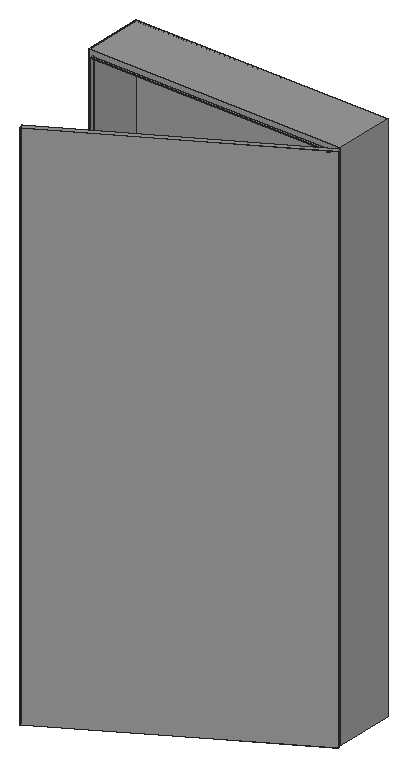
Revit family "Hager-Univers-IP54-D205-H1700-Cl.I-Encl-NoHosted-CH-fr", category Electrical Equipment, Revit 2020
Family settings
  Panel Configuration = Two Columns, Circuits Across
  Round Connector Dimension = Use Diameter
  Part Type = Panelboard
  Work Plane-Based = Yes
  Always vertical = Yes
  Cut with Voids When Loaded = No
  Shared = No
  Room Calculation Point = No
Parameters (values of type "saillie IP54 L800 H1700 P205  - FP13TW2")
  Width Control [instance] = if([EF000008 - largeur] > Min Width, [EF000008 - largeur], Min Width)  # 800 mm
  Type Comments = [HG000003 - Gamme]  # "Univers"
  Thickness Door [instance] = if([EF009171 - épaisseur de matériau de la porte/du couvercle] > 3 mm, 3 mm, [EF009171 - épaisseur de matériau de la porte/du couvercle])  # 1 mm
  Seal Frame Offset [instance] = 17 mm  # constant formula
  Plinth Visibility [instance] = [HG000027 - Hauteur du socle] > 0 mm  # no
  Min Width [instance] = 100 mm  # constant formula
  Min Depth [instance] = (2 * [EF009170 - épaisseur de matériau du boîtier]) + 1 mm  # 3 mm
  Min Height [instance] = 100 mm  # constant formula
  Internal Frame Depth [instance] = (Door System Depth * 0.5)  # 9 mm
  Panel Name [instance] = ""  # (empty or 0)
  Model = ""
  HG000027 - Hauteur du socle = 0 mm
  HG000026 - Installation au sol = no
  HG000024 - Hauteur de la section basse = 600 mm
  HG000023 - Armoire double section = no
  HG000016 - Visibilité de la porte 3D [instance] = yes
  HG000015 - Visibilité de l'emprise de la porte [instance] = no
  HG000014 - Porte à droite [instance] = yes
  HG000013 - Porte à gauche [instance] = not([HG000014 - Porte à droite])  # no
  HG000012 - Angle de pivotement de la porte [instance] = 30.00°
  HG000010 - Portes asymétriques = no
  HG000009 - Porte à double battant = no
  HG000006 - Encastré = no
  HG000004 - Référence fabricant = "FP13TW2"
  HG000003 - Gamme = "Univers"
  HG000002 - avec porte = yes
  Frame Offset Bottom [instance] = 10 mm  # constant formula
  Frame Offset [instance] = 15 mm  # constant formula
  EF015940 - couvercle avec décharge de pression = no
  EF011959 - degré de protection (NEMA) = ""
  EF009554 - nombre d'ouvertures pour plaques à bride = 6
  EF009212 - finition du couvercle = "EV000116 - fermé"
  EF009171 - épaisseur de matériau de la porte/du couvercle = 1 mm
  EF009170 - épaisseur de matériau du boîtier = 1 mm
  EF008873 - courant nominal (In) = 400 A
  EF007800 - adapté à un parafoudre = no
  EF006306 - avec serrure = no
  EF006244 - couvercle/porte transparent(e) = no
  EF005474 - indice de protection (IP) = "EV006419 - IP54"
  EF004464 - type de porte = "EV002646 - unique"
  EF004427 - nombre de modules = 396
  EF004293 - indice de protection contre les chocs (IK) = "EV006815 - IK09"
  EF003532 - convient pour utilisation à l’extérieur = no
  EF002950 - largeur en nombre de modules = 36
  EF001613 - maintien de fonction = "EV000494 - sans"
  EF001596 - matériau du boîtier/corps = "EV000179 - acier"
  EF001131 - profondeur intérieure = 205 mm
  EF001088 - possibilité de montage en saillie = yes
  EF000437 - nombre d'entrées de conduit = 6
  EF000339 - type de capot = "EV001012 - couvercle"
  EF000266 - nombre de rangées = 11
  EF000218 - profondeur d'encastrement = 205 mm
  EF000118 - avec cadre/support de montage = no
  EF000116 - numéro RAL = "9010"
  EF000049 - profondeur = 205 mm
  EF000040 - hauteur = 1700 mm
  EF000008 - largeur = 800 mm
  EF000007 - couleur = "EV000202 - blanc"
  EF000003 - mode de pose = "EV000384 - saillie"
  Door System Leaf Tolerance [instance] = 1.5 mm  # constant formula
  Door System Depth [instance] = 18 mm  # constant formula
  Door Height [instance] = Height Control - [HG000027 - Hauteur du socle]  # 1700 mm
  Description = ""
  Default Elevation = 1219.2 mm
  Connector Offset [instance] = Height Control / 2  # 850 mm
  Manufacturer = "Hager"  # constant formula
  Height Control [instance] = if([EF000040 - hauteur] > Min Height, [EF000040 - hauteur], Min Height)  # 1700 mm
  Depth Control [instance] = if([EF000049 - profondeur] > Min Depth, [EF000049 - profondeur], Min Depth)  # 205 mm
  Bottom Top Plate Trim [instance] = 1.5 mm  # constant formula
  Plinth height Ctrl [instance] = if([HG000027 - Hauteur du socle] > 0 mm, [HG000027 - Hauteur du socle], 12 mm)  # 12 mm
Types (5, lengths in mm): name | Width Control | HG000009 - Porte à double battant | HG000004 - Référence fabricant | EF009554 - nombre d'ouvertures pour plaques à bride | EF008873 - courant nominal (In) | EF004464 - type de porte | EF004427 - nombre de modules | EF002950 - largeur en nombre de modules | EF000437 - nombre d'entrées de conduit | EF000008 - largeur
  saillie IP54 L1050 H1700 P205  - FP14TW2 | 1050 | yes | "FP14TW2" | 8 | 400 A | "EV003602 - double" | 528 | 48 | 8 | 1050
  saillie IP54 L1300 H1700 P205  - FP15TW2 | 1300 | no | "FP15TW2" | 10 | 400 A | "EV003602 - double" | 660 | 60 | 10 | 1300
  saillie IP54 L300 H1700 P205  - FP11TW2 | 300 | no | "FP11TW2" | 2 | 250 A | "EV002646 - unique" | 132 | 12 | 2 | 300
  saillie IP54 L550 H1700 P205  - FP12TW2 | 550 | no | "FP12TW2" | 4 | 250 A | "EV002646 - unique" | 264 | 24 | 4 | 550
  saillie IP54 L800 H1700 P205  - FP13TW2 | 800 | no | "FP13TW2" | 6 | 400 A | "EV002646 - unique" | 396 | 36 | 6 | 800
Reference planes
  plane 1 "Center (Front/Back)": y = 0
  plane 2: z = 0
  plane 3 "Center (Left/Right)": x = 0
  plane 4: y = 0
  plane 5: y = 0
  plane 6: z = 0
  plane 7: x = -400
  plane 8: x = 400
  plane 9: x = 399
  plane 10: x = -399
  plane 11: z = 0
  plane 12: z = 1
  plane 13: y = -205
  plane 14: y = -1
  plane 15: x = 0
  plane 16: y = -187
  plane 17: y = -204
  plane 18: y = -186
  plane 19: x = -384
  plane 20: x = 384
  plane 21: z = 11
  plane 22: x = -383
  plane 23: x = 383
  plane 24: z = 0
  plane 25: z = 1700
  plane 26: z = 1700
  plane 27: z = 1684
  plane 28: z = 1699
Forms (mm)
  Extrusion 1, solid, material "Hager_Steel_RAL7035_Light_Grey", detail levels medium+fine
    sketch origin (-208.679, -4572, 0) x (-1, 0, 0) y (0, -1, 0)
      loop
        line (191.321, -4385) -> (-608.679, -4385) -> (-608.679, -4572) -> (191.321, -4572) -> (191.321, -4385)
    from 0 to 1700
  Extrusion 2, void
    sketch origin (-350.771, -205, 1219.2) x (1, 0, 0) y (0, 0, 1)
      loop
        line (-48.229, 479.8) -> (-48.229, -1218.2) -> (749.771, -1218.2) -> (749.771, 479.8) -> (-48.229, 479.8)
    from -19 to -204
  Extrusion 3, void
    sketch origin (-290.084, -187, 1219.2) x (1, 0, 0) y (0, 0, 1)
      loop
        line (-93.916, -1208.2) -> (674.084, -1208.2) -> (674.084, 464.8) -> (-93.916, 464.8) -> (-93.916, -1208.2)
    from 0 to -1
  Extrusion 4, solid, material "Hager_Steel_RAL7035_Light_Grey", visible <- "Plinth Visibility", detail levels medium+fine
    sketch origin (0, 0, 0) x (1, 0, 0) y (0, 1, 0)
      loop
        line (-400, 0) -> (-400, -187) -> (400, -187) -> (400, 0) -> (-400, 0)
    from 0 to 12 <- "Plinth height Ctrl"
  Extrusion 5, solid, material "Hager_Steel_RAL7035_Light_Grey", detail levels coarse
    sketch origin (0, 0, 0) x (1, 0, 0) y (0, 1, 0)
      loop
        line (-400, 0) -> (-400, -205) -> (400, -205) -> (400, 0) -> (-400, 0)
    from 0 to 1700 <- "Height Control"
  Sweep 6, void
    path in 3D
      loop
        line (-400, -187, 12) -> (400, -187, 12) -> (400, 0, 12) -> (-400, 0, 12) -> (-400, -187, 12)
    profile origin (-400, -93.5, 12) x (1, 0, 0) y (0, 0, 1)
      loop
        line (0, 0) -> (0, -1.5) -> (1.5, -1.5)
        arc (1.5, -1.5) -> (1.061, -0.439) -> (0, 0) r 1.5
  Extrusion 7, solid, material "Hager_Steel_RAL7035_Light_Grey", detail levels fine
    sketch origin (-400, -187, 0) x (1, 0, 0) y (0, 0, 1)
      loop
        line (16, 11) -> (784, 11) -> (784, 1684) -> (16, 1684) -> (16, 11)
      loop
        line (15, 10) -> (785, 10) -> (785, 1685) -> (15, 1685) -> (15, 10)
    from 0 to 9 <- "Internal Frame Depth"
Cuts and joins
  Extrusion 2, Extrusion 3 cuts Extrusion 1
  Sweep 6 cuts Extrusion 4
Lines and regions (mm)
  Masking region 1
    outline origin (0, 0, 0) x (1, 0, 0) y (0, 1, 0)
      loop
        line (-400, 0) -> (-400, -205) -> (400, -205) -> (400, 0) -> (-400, 0)
  Masking region 2, detail levels coarse
    outline origin (-290.084, -187, 1219.2) x (-1, 0, 0) y (0, 0, 1)
      loop
        line (-690.084, -1219.2) -> (109.916, -1219.2) -> (109.916, 480.8) -> (-690.084, 480.8) -> (-690.084, -1219.2)
  Masking region 3, detail levels coarse
    outline origin (0, 0, 0) x (0, 1, 0) y (0, 0, 1)
      loop
        line (0, 0) -> (0, 1700) -> (-205, 1700) -> (-205, 0) -> (0, 0)
  Masking region 4, visible <- "Plinth Visibility", detail levels medium+fine
    outline origin (0, 0, 0) x (0, 1, 0) y (0, 0, 1)
      loop
        line (-1.5, 12) -> (-185.5, 12)
        arc (-185.5, 12) -> (-185.939, 10.939) -> (-187, 10.5) r 1.5
        line (-187, 10.5) -> (-187, 0) -> (0, 0) -> (0, 10.5)
        arc (0, 10.5) -> (-1.061, 10.939) -> (-1.5, 12) r 1.5
  Masking region 5, detail levels medium+fine
    outline origin (0, 0, 594.038) x (0, 1, 0) y (0, 0, 1)
      loop
        line (0, -594.038) -> (0, 1105.962) -> (-187, 1105.962) -> (-187, -594.038) -> (0, -594.038)
  Masking region 6, detail levels medium+fine
    outline origin (-359.7, -187, 1211.883) x (-1, 0, 0) y (0, 0, 1)
      loop
        line (-759.7, -1211.883) -> (40.3, -1211.883) -> (40.3, 488.117) -> (-759.7, 488.117) -> (-759.7, -1211.883)
  Masking region 7, visible <- "Plinth Visibility", detail levels medium+fine
    outline origin (-320.334, -187, 1041.368) x (-1, 0, 0) y (0, 0, 1)
      loop
        line (-720.334, -1041.368) -> (79.666, -1041.368) -> (79.666, -1030.868)
        arc (79.666, -1030.868) -> (78.606, -1030.429) -> (78.166, -1029.368) r 1.5
        line (78.166, -1029.368) -> (-718.834, -1029.368)
        arc (-718.834, -1029.368) -> (-719.273, -1030.429) -> (-720.334, -1030.868) r 1.5
        line (-720.334, -1030.868) -> (-720.334, -1041.368)
  sketch lines
    curve 1: line (-400, 0, 12) -> (-400, -187, 12)
    curve 2: line (-400, -187, 12) -> (400, -187, 12)
    curve 3: line (400, 0, 12) -> (-400, 0, 12)
    curve 4: line (400, -187, 12) -> (400, 0, 12)
Dimensions and locks
  locked: plane 1 "Center (Front/Back)" to plane 5
  "EF009170 - épaisseur de matériau du boîtier": plane 7 to plane 10
  "EF009170 - épaisseur de matériau du boîtier": plane 8 to plane 9
  equal spacing: plane 7, plane 3 "Center (Left/Right)", plane 8
  "Width Control": plane 7 to plane 8
  "Depth Control": plane 4 to plane 13
  "EF009170 - épaisseur de matériau du boîtier": plane 4 to plane 14
  "Height Control": plane 25 to level
  "HG000027 - Hauteur du socle": plane 11 to level
  "EF009170 - épaisseur de matériau du boîtier": plane 12 to plane 11
  "EF009170 - épaisseur de matériau du boîtier": plane 17 to plane 13
  "EF009170 - épaisseur de matériau du boîtier": plane 18 to plane 16
  "Frame Offset Bottom": plane 21 to plane 12
  "Frame Offset": plane 10 to plane 19
  "Frame Offset": plane 9 to plane 20
  "Door System Depth": plane 16 to plane 13
  "Seal Frame Offset": plane 7 to plane 22
  "Seal Frame Offset": plane 8 to plane 23
  "EF009170 - épaisseur de matériau du boîtier": plane 26 to plane 28
  "Frame Offset": plane 28 to plane 27
  "Connector Offset": plane 2 to connector elem
  "Bottom Top Plate Trim": profile plane to Sweep 6 sketch curve
  "Bottom Top Plate Trim": Sweep 6 sketch curve to Sweep 6 sketch curve
  "Plinth height Ctrl": Masking region 4 sketch curve to level
  "Plinth height Ctrl": Masking region 7 sketch curve to level
  "Thickness Door": Extrusion 7 sketch curve to Extrusion 7 sketch curve  (x4)
  "Bottom Top Plate Trim": radius of Sweep 6 sketch curve
  "Bottom Top Plate Trim": radius of Masking region 4 sketch curve  (x2)
  "Bottom Top Plate Trim": radius of Masking region 7 sketch curve  (x2)
  aligned and locked: Extrusion 2 sketch curve to plane 12
  aligned and locked: Extrusion 2 sketch curve to plane 9
  aligned and locked: Extrusion 2 sketch curve to plane 10
  aligned and locked: Extrusion 2 to plane 14
  aligned and locked: Extrusion 1 sketch curve to plane 4
  aligned and locked: plane 8 to Extrusion 1 sketch curve
  aligned and locked: plane 7 to Extrusion 1 sketch curve
  aligned and locked: Extrusion 2 to plane 18
  aligned and locked: Extrusion 3 sketch curve to plane 19
  aligned and locked: plane 20 to Extrusion 3 sketch curve
  aligned and locked: Extrusion 3 to Extrusion 2
  aligned and locked: Extrusion 3 sketch curve to plane 21
  aligned and locked: plane 3 "Center (Left/Right)" to nested 1
  aligned and locked: Extrusion 1 sketch curve to plane 16
  aligned and locked: Extrusion 4 sketch curve to cut or joined group of Extrusion 1, Extrusion 2, Extrusion 3
  aligned and locked: Masking region 1 sketch curve to plane 7
  aligned and locked: Masking region 1 sketch curve to plane 5
  aligned and locked: Masking region 1 sketch curve to plane 8
  aligned and locked: Masking region 2 sketch curve to level
  aligned and locked: level to Masking region 3 sketch curve
  aligned and locked: plane 1 "Center (Front/Back)" to Masking region 3 sketch curve
  aligned and locked: plane 13 to Masking region 3 sketch curve
  aligned and locked: plane 5 to Masking region 4 sketch curve
  aligned and locked: Masking region 2 sketch curve to plane 8
  aligned and locked: Masking region 2 sketch curve to plane 7
  aligned and locked: plane 7 to nested 2
  aligned and locked: nested 2 to plane 5
  aligned and locked: plane 5 to Masking region 5 sketch curve
  aligned and locked: plane 26 to Masking region 5 sketch curve
  aligned and locked: Extrusion 5 sketch curve to plane 8
  aligned and locked: Extrusion 5 sketch curve to plane 7
  aligned and locked: Extrusion 5 sketch curve to plane 5
  aligned and locked: Extrusion 3 sketch curve to plane 27
  aligned and locked: Extrusion 2 sketch curve to plane 28
  aligned and locked: Masking region 2 to plane 25
  aligned and locked: Extrusion 4 to plane 16
  aligned and locked: profile plane to Sweep 6 sketch curve
  aligned and locked: Masking region 5 sketch curve to plane 24
  aligned and locked: level to Masking region 4 sketch curve
  aligned and locked: Masking region 1 to plane 13
  aligned and locked: nested 1 to plane 16
  aligned and locked: Masking region 3 to plane 25
  aligned and locked: plane 16 to Masking region 4 sketch curve
  aligned and locked: Masking region 5 sketch curve to plane 16
  aligned and locked: plane 24 to plane 11
  aligned and locked: plane 26 to plane 25
  aligned and locked: plane 26 to cut or joined group of Extrusion 1, Extrusion 2, Extrusion 3
  aligned and locked: nested 1 to plane 24
  aligned and locked: Extrusion 1 to Extrusion 3
  aligned and locked: Masking region 6 sketch curve to plane 8
  aligned and locked: Masking region 6 sketch curve to plane 24
  aligned and locked: Masking region 6 sketch curve to plane 7
  aligned and locked: Masking region 6 sketch curve to plane 26
  aligned and locked: Masking region 7 sketch curve to plane 7
  aligned and locked: level to Masking region 7 sketch curve
  aligned and locked: Masking region 7 sketch curve to plane 8
  aligned and locked: Extrusion 7 sketch curve to cut or joined group of Extrusion 1, Extrusion 2, Extrusion 3  (x4)
Automatic sketch dimensions
  plane 19 to Extrusion 3 sketch curve = 0 mm
  Extrusion 3 sketch curve to plane 20 = 0 mm
  Extrusion 3 sketch curve to plane 21 = 0 mm
  Extrusion 4 sketch curve to plane 7 = 0 mm
  Extrusion 4 sketch curve to plane 8 = 0 mm
  Extrusion 4 sketch curve to plane 16 = 0 mm
  Masking region 1 sketch curve to plane 13 = 0 mm
  Masking region 2 sketch curve to plane 25 = 0 mm
  Masking region 3 sketch curve to plane 25 = 0 mm
  Extrusion 5 sketch curve to plane 13 = 0 mm
  profile plane to Sweep 6 sketch curve = 0 mm
Nested families
  nested 1: "EC000058_Univers_Door" at (0, -187, 0), Double <- "HG000009 - Porte à double battant", Transparent <- "EF006244 - couvercle/porte transparent(e)", Angle <- "HG000012 - Angle de pivotement de la porte", Door_Right <- "HG000014 - Porte à droite", Assymetrical <- "HG000010 - Portes asymétriques", Door <- "HG000002 - avec porte", Width_Ctrl <- "Width Control", 3d_Door <- "HG000016 - Visibilité de la porte 3D", Clearance <- "HG000015 - Visibilité de l'emprise de la porte", Door_Left <- "HG000013 - Porte à gauche", Width <- "Width Control", Door_Depth <- "Door System Depth", Leaf_Tolerance <- "Door System Leaf Tolerance", Height <- "Door Height", Lock_Visibility <- "EF006306 - avec serrure", Thickness <- "Thickness Door", type "EC000058_Univers_Door", detail levels medium+fine
    with min_wh 3 mm, Width_Ctrl 800 mm, Width 800 mm, Transparent no, Thickness 1 mm, Seal_Material Hager_Rubber, Lock_Visibility no, Lock_Material Hager_Plastic_RAL9005_Jet_Black, Leaf_Width 800 mm, Leaf_Tolerance_External_Sides 0 mm, Leaf_Tolerance 1.5 mm, Leaf_Offset 0 mm, Leaf_Height 1697 mm, Leaf_2_Width 800 mm, Leaf_2_Offset 400 mm, Leaf_1_Width 800 mm, Leaf_1_Offset 400 mm, Height_Ctrl 1700 mm, Height 1700 mm, Glass_Material Hager_Glass, Double_Clearance_Ctrl no, Double no, Door_Right_Ctrl yes, Door_Right yes, Door_Material Hager_Steel_RAL7035_Light_Grey, Door_Left_Ctrl no, Door_Left no, Door_Depth 18 mm, Door yes, Clearance_Material Hager_Clearance, Clearance_Depth 800 mm, Clearance_Ctrl no, Clearance no, Assymetrical no, Angle 30.00°, 3d_Door yes
  nested 2: "Hager_Enclosure_Symbol" at (-400, 0, 0), Height <- "Depth Control", Width <- "Width Control", type "Hager_Enclosure_Symbol"
    with Width_Ctrl 800 mm, Width 800 mm, Height_Ctrl 205 mm, Height 205 mm, A_Width_Int 13.453 mm, A_Width 161.438 mm, A_Height_Ctrl 179.375 mm, A_Height 179.375 mm
Connectors
  electrical at (0, 0, 850)
    settings: on plane 1 "Center (Front/Back)", index 1, voltage 0 V, apparent load 0 VA, apparent load phase1 0 VA, apparent load phase2 0 VA, apparent load phase3 0 VA, power factor 1, load classification "Other", number of poles 1, system type 30, power factor state 1, is connector primary yes, connector utility no, sub classification motor no, connector description ""
Definition of nested family "EC000058_Univers_Door"
  Parameters (values of type "EC000058_Univers_Door")
    min_wh [instance] = (2 * Thickness) + 1 mm  # 11 mm
    Width_Ctrl [instance] = 400 mm
    Width [instance] = 500 mm
    Transparent [instance] = yes
    Thickness [instance] = 5 mm
    Seal_Material [instance] = none
    Lock_Visibility [instance] = yes
    Lock_Material [instance] = none
    Leaf_Width [instance] = if((Width_Ctrl - 2 * Leaf_Tolerance_External_Sides) > 0 mm, (Width_Ctrl - 2 * Leaf_Tolerance_External_Sides), min_wh)  # 400 mm
    Leaf_Tolerance_External_Sides [instance] = 0 mm  # constant formula
    Leaf_Tolerance [instance] = 1.5 mm
    Leaf_Offset [instance] = 0 mm  # constant formula
    Leaf_Height [instance] = if((Height_Ctrl - 2 * Leaf_Tolerance) > 0 mm, (Height_Ctrl - 2 * Leaf_Tolerance), min_wh)  # 497 mm
    Leaf_2_Width [instance] = if(and(and(Double, Assymetrical), Door_Left), (Leaf_Width / 3) - (Leaf_Tolerance / 2), if(and(and(Double, Assymetrical), Door_Right), (Leaf_Width / 3) * 2 - (Leaf_Tolerance / 2), if(and(Double, not(Assymetrical)), (Leaf_Width / 2) - Leaf_Tolerance, Leaf_Width)))  # 400 mm
    Leaf_2_Offset [instance] = if(and(Double, Assymetrical), Leaf_2_Width / 2, if(and(Double, not(Assymetrical)), Leaf_Width / 4, Leaf_Width / 2))  # 200 mm
    Leaf_1_Width [instance] = if(and(and(Double, Assymetrical), Door_Right), (Leaf_Width / 3) - (Leaf_Tolerance / 2), if(and(and(Double, Assymetrical), Door_Left), (Width / 3) * 2 - (Leaf_Tolerance / 2), if(and(Double, not(Assymetrical)), (Leaf_Width / 2) - Leaf_Tolerance, Leaf_Width)))  # 400 mm
    Leaf_1_Offset [instance] = if(and(Double, Assymetrical), Leaf_1_Width / 2, if(and(Double, not(Assymetrical)), Leaf_Width / 4, Leaf_Width / 2))  # 200 mm
    Height_Ctrl [instance] = if(Height > min_wh, Height, min_wh)  # 500 mm
    Height [instance] = 500 mm
    Glass_Material [instance] = none
    Double_Clearance_Ctrl [instance] = and(Double, Clearance)  # no
    Double [instance] = no
    Door_Right_Ctrl [instance] = and(or(Door_Right, Double), Door)  # yes
    Door_Right [instance] = yes
    Door_Material [instance] = none
    Door_Left_Ctrl [instance] = and(or(Door_Left, Double), Door)  # no
    Door_Left [instance] = no
    Door_Depth [instance] = 30 mm
    Door [instance] = yes
    Default Elevation = 1219.2 mm
    Clearance_Material [instance] = none
    Clearance_Depth [instance] = if(Leaf_1_Width > Leaf_2_Width, Leaf_1_Width, Leaf_2_Width)  # 400 mm
    Clearance_Ctrl [instance] = and(not(Double), Clearance)  # yes
    Clearance [instance] = yes
    Assymetrical [instance] = yes
    Angle [instance] = 30.00°
    3d_Door [instance] = yes
  Reference planes
    plane 1 "Center (Front/Back)": y = 0
    plane 2 "Bottom": z = 0
    plane 3 "Center (Left/Right)": x = 0
    plane 4: z = 500
    plane 5: x = -200
    plane 6: x = 200
    plane 7: z = 500
    plane 8: x = -200
    plane 9: z = 0
    plane 10: x = 200
    plane 11: y = 0
    plane 12: z = 1.5
    plane 13: x = -600
    plane 14: y = -400
    plane 15: x = 600
    plane 16: x = 0
    plane 17: x = 0
    plane 18: x = -200
    plane 19: x = 200
    plane 20: z = 498.5
  Forms (mm)
    Extrusion 1, solid, material <- "Clearance_Material", visible <- "Double_Clearance_Ctrl"
      sketch origin (1200, 0, 0) x (1, 0, 0) y (0, 0, -1)
        loop
          line (-1800, -498.5) -> (-600, -498.5) -> (-600, 0) -> (-1800, 0) -> (-1800, -498.5)
      from 0 to -400
  Dimensions and locks
    equal spacing: plane 5, plane 3 "Center (Left/Right)", plane 6
    "Width_Ctrl": plane 5 to plane 6
    "Leaf_Offset": plane 5 to plane 8
    "Leaf_Offset": plane 6 to plane 10
    "Leaf_Offset": plane 9 to level
    "Leaf_Offset": plane 4 to plane 7
    "Height_Ctrl": plane 4 to level
    "Leaf_Tolerance": plane 12 to plane 9
    locked: plane 11 to plane 1 "Center (Front/Back)"
    "Leaf_1_Offset": plane 18 to plane 16
    "Leaf_2_Offset": plane 17 to plane 19
    "Leaf_1_Width": plane 13 to plane 8
    "Leaf_2_Width": plane 10 to plane 15
    "Clearance_Depth": plane 14 to plane 1 "Center (Front/Back)"
    "Leaf_Tolerance_External_Sides": plane 8 to plane 18
    "Leaf_Tolerance_External_Sides": plane 19 to plane 10
    "Leaf_Tolerance": plane 7 to plane 20
    aligned and locked: level to plane 2 "Bottom"
    aligned and locked: nested 1 to plane 16
    aligned and locked: nested 2 to plane 17
    aligned and locked: Extrusion 1 to plane 13
    aligned and locked: plane 15 to Extrusion 1
    aligned and locked: Extrusion 1 to plane 14
    aligned and locked: plane 12 to nested 1
    aligned and locked: nested 2 to plane 12
    aligned and locked: Extrusion 1 to plane 11
    aligned and locked: plane 20 to Extrusion 1
    aligned and locked: nested 2 to plane 11
    aligned and locked: nested 1 to plane 11
  Automatic sketch dimensions
    Extrusion 1 sketch curve to level = 0 mm
    plane 5 to Extrusion 1 sketch curve = 400 mm
    plane 6 to Extrusion 1 sketch curve = 400 mm
    Extrusion 1 sketch curve to plane 4 = 1.5 mm
  Nested families
    nested 1: "EC000058_Univers_Door_Leaf" at (0, 0, 1.5), Width <- "Leaf_1_Width", visible <- "Door_Left_Ctrl", Leaf_Height <- "Leaf_Height", Angle <- "Angle", 3d_Door <- "3d_Door", Transparent <- "Transparent", Clearance Material <- "Clearance_Material", Clearance <- "Clearance_Ctrl", Door_Material <- "Door_Material", Glass_Material <- "Glass_Material", Door_Depth <- "Door_Depth", Lock_Material <- "Lock_Material", Seal_Material <- "Seal_Material", Lock_Visibility <- "Lock_Visibility", Thickness <- "Thickness", type "EC000058_Univers_Door_Leaf"
      with Width 400 mm, Transparent_Glass_Offset 30 mm, Transparent_Ctrl yes, Transparent yes, Thickness 5 mm, Standard no, Seal_Material none, Seal_D2 8 mm, Seal_D1 1 mm, Offset_Internal_Frame 10 mm, Lock_Width 20 mm, Lock_Visibility_3d yes, Lock_Visibility yes, Lock_Thickness_3 3 mm, Lock_Thickness_2 1 mm, Lock_Thickness_1 3 mm, Lock_Radius_Offset_2 16 mm, Lock_Radius_Offset_1 15 mm, Lock_Radius_2 5 mm, Lock_Radius 6 mm, Lock_Offset 5 mm, Lock_Material none, Lock_Height 80 mm, Lock_Cover_Top_Offset_2d 17 mm, Lock_Cover_Height -65 mm, Leaf_Height 497 mm, Internal_Seal_Thickness 8 mm, Internal_Seal_Depth_2 4.5 mm, Internal_Frame_Depth 25 mm, Glass_Thickness -1 mm, Glass_Offset -2 mm, Glass_Material none, Door_Material none, Door_Depth 30 mm, Clearance Material none, Clearance yes, Angle_Ctrl 30.00°, Angle 30.00°, 3d_Door yes
    nested 2: "EC000058_Univers_Door_Leaf" at (0, 0, 1.5) x (-1, 0, 0) z (0, 0, 1), Width <- "Leaf_2_Width", visible <- "Door_Right_Ctrl", Leaf_Height <- "Leaf_Height", Angle <- "Angle", 3d_Door <- "3d_Door", Transparent <- "Transparent", Clearance Material <- "Clearance_Material", Clearance <- "Clearance_Ctrl", Door_Material <- "Door_Material", Glass_Material <- "Glass_Material", Door_Depth <- "Door_Depth", Lock_Material <- "Lock_Material", Seal_Material <- "Seal_Material", Lock_Visibility <- "Lock_Visibility", Thickness <- "Thickness", type "EC000058_Univers_Door_Leaf"
      with Width 400 mm, Transparent_Glass_Offset 30 mm, Transparent_Ctrl yes, Transparent yes, Thickness 5 mm, Standard no, Seal_Material none, Seal_D2 8 mm, Seal_D1 1 mm, Offset_Internal_Frame 10 mm, Lock_Width 20 mm, Lock_Visibility_3d yes, Lock_Visibility yes, Lock_Thickness_3 3 mm, Lock_Thickness_2 1 mm, Lock_Thickness_1 3 mm, Lock_Radius_Offset_2 16 mm, Lock_Radius_Offset_1 15 mm, Lock_Radius_2 5 mm, Lock_Radius 6 mm, Lock_Offset 5 mm, Lock_Material none, Lock_Height 80 mm, Lock_Cover_Top_Offset_2d 17 mm, Lock_Cover_Height -65 mm, Leaf_Height 497 mm, Internal_Seal_Thickness 8 mm, Internal_Seal_Depth_2 4.5 mm, Internal_Frame_Depth 25 mm, Glass_Thickness -1 mm, Glass_Offset -2 mm, Glass_Material none, Door_Material none, Door_Depth 30 mm, Clearance Material none, Clearance yes, Angle_Ctrl 30.00°, Angle 30.00°, 3d_Door yes
  Definition of nested family "EC000058_Univers_Door_Leaf"
    Parameters (values of type "EC000058_Univers_Door_Leaf")
      Width [instance] = 2000 mm
      Transparent_Glass_Offset [instance] = 30 mm
      Transparent_Ctrl [instance] = and(Transparent, [3d_Door])  # yes
      Transparent [instance] = yes
      Thickness [instance] = 5 mm
      Standard [instance] = and(not(Transparent), [3d_Door])  # no
      Seal_Material [instance] = none
      Seal_D2 [instance] = 8 mm  # constant formula
      Seal_D1 [instance] = 1 mm  # constant formula
      Offset_Internal_Frame [instance] = 10 mm  # constant formula
      Lock_Width [instance] = 20 mm  # constant formula
      Lock_Visibility_3d [instance] = and(Lock_Visibility, [3d_Door])  # yes
      Lock_Visibility [instance] = yes
      Lock_Thickness_3 [instance] = 3 mm  # constant formula
      Lock_Thickness_2 [instance] = 1 mm  # constant formula
      Lock_Thickness_1 [instance] = 3 mm  # constant formula
      Lock_Radius_Offset_2 [instance] = Lock_Radius_Offset_1 + 1 mm  # 16 mm
      Lock_Radius_Offset_1 [instance] = 15 mm  # constant formula
      Lock_Radius_2 [instance] = Lock_Radius - 1 mm  # 5 mm
      Lock_Radius [instance] = 6 mm  # constant formula
      Lock_Offset [instance] = 5 mm  # constant formula
      Lock_Material [instance] = none
      Lock_Height [instance] = 80 mm  # constant formula
      Lock_Cover_Top_Offset_2d [instance] = Lock_Radius_Offset_2 + 1 mm  # 17 mm
      Lock_Cover_Height [instance] = -(Lock_Height - Lock_Radius_Offset_1)  # -65 mm
      Leaf_Height [instance] = 2720.336 mm
      Internal_Seal_Thickness [instance] = 8 mm  # constant formula
      Internal_Seal_Depth_2 [instance] = 4.5 mm  # constant formula
      Internal_Frame_Depth [instance] = if(Door_Depth - Thickness > 5 mm, Door_Depth - Thickness, 5 mm)  # 25 mm
      Glass_Thickness [instance] = if(Thickness > 15 mm, Glass_Offset + 10 mm, -1 mm)  # -1 mm
      Glass_Offset [instance] = if(Thickness > 15 mm, -(Thickness + 10 mm) / 2, -2 mm)  # -2 mm
      Glass_Material [instance] = none
      Door_Material [instance] = none
      Door_Depth [instance] = 30 mm
      Default Elevation = 0 mm
      Clearance Material [instance] = none
      Clearance [instance] = yes
      Angle_Ctrl [instance] = if(Angle > 180.00°, 180.00°, Angle)  # 90.00°
      Angle [instance] = 90.00°
      3d_Door [instance] = yes
    Reference planes
      plane 1 "Center (Front/Back)": y = 0
      plane 2: z = 0
      plane 3 "Center (Left/Right)": x = 0
      plane 4: y = 2000
      plane 5: x = -1000
      plane 6: x = 1000
      plane 7: x = -3000
      plane 8: z = 2720.336
      plane 9: z = 30
      plane 10: z = 2690.336
      plane 11: x = 970
      plane 12: x = -970
      plane 13: y = -3
      plane 14: z = 107.833
      plane 15: y = -5
      plane 16: y = -223.314
      plane 17: x = -1000
      plane 18: z = 1360.168
      plane 19: y = 30
    Forms (mm)
      Extrusion 1, solid, material <- "Clearance Material", visible <- "Clearance"
        sketch origin (0, 0, 0) x (1, 0, 0) y (0, 0, 1)
          loop
            line (-3000, 2720.336) -> (-3000, 0) -> (1000, 0) -> (1000, 2720.336) -> (-3000, 2720.336)
        from 0 to -2000
      Extrusion 2, solid, material <- "Door_Material", visible <- "Standard", detail levels medium+fine
        sketch origin (-1000, 0, 0) x (0, 1, 0) y (-1, 0, 0)
          loop
            line (0, 30) -> (0, 25) -> (2000, 25) -> (2000, 30) -> (0, 30)
        from 0 to 2720.336 <- "Leaf_Height"
      Extrusion 3, solid, material <- "Door_Material", visible <- "Transparent_Ctrl", detail levels medium+fine
        sketch origin (-1000, 0, 0) x (0, 1, 0) y (-1, 0, 0)
          loop
            line (0, 25) -> (2000, 25) -> (2000, 30) -> (0, 30) -> (0, 25)
        from 0 to 2720.336 <- "Leaf_Height"
      Extrusion 4, void
        sketch origin (-1025, 2000, 0) x (0, 1, 0) y (0, 0, -1)
          loop
            line (-30, -2690.336) -> (-30, -30) -> (-1970, -30) -> (-1970, -2690.336) -> (-30, -2690.336)
        from 0 to 5 <- "Thickness"
      Sweep 5, solid, material <- "Seal_Material", visible <- "Transparent_Ctrl", detail levels fine
        path in 3D
          loop
            line (-1025, 30, 30) -> (-1025, 30, 2690.336) -> (-1025, 1970, 2690.336) -> (-1025, 1970, 30) -> (-1025, 30, 30)
        profile origin (-1025, 1000, 30) x (1, 0, 0) y (0, 0, 1)
          loop
            line (0, 0) -> (0, -8) -> (1, -8) -> (1, 0) -> (0, 0)
      Extrusion 6, solid, material <- "Glass_Material", visible <- "Transparent_Ctrl", detail levels medium+fine
        sketch origin (-1030, 0, 0) x (0, 1, 0) y (0, 0, -1)
          loop
            line (1970, -2690.336) -> (1970, -30) -> (30, -30) -> (30, -2690.336) -> (1970, -2690.336)
        from -2 <- "Glass_Offset" to -1 <- "Glass_Thickness"
      Extrusion 7, solid, material <- "Door_Material", visible <- "3d_Door", detail levels medium+fine
        sketch origin (-1025, 2000, 0) x (0, -1, 0) y (0, 0, -1)
          loop
            line (0, -2720.336) -> (2000, -2720.336) -> (2000, 0) -> (0, 0) -> (0, -2720.336)
          loop
            line (1995, -5) -> (5, -5) -> (5, -2715.336) -> (1995, -2715.336) -> (1995, -5)
        from 0 to 25 <- "Internal_Frame_Depth"
      Sweep 8, solid, material <- "Seal_Material", visible <- "Transparent_Ctrl", detail levels fine
        path in 3D
          loop
            line (-1025, 0, 0) -> (-1025, 2000, 0) -> (-1025, 2000, 2720.336) -> (-1025, 0, 2720.336) -> (-1025, 0, 0)
        profile origin (-1025, 0, 1360.168) x (1, 0, 0) y (0, 1, 0)
          loop
            line (0, 10) -> (2.975, 10)
            arc (2.975, 10) -> (4.053, 10.447) -> (4.5, 11.525) r 1.525
            line (4.5, 11.525) -> (4.5, 16.527)
            arc (4.5, 16.527) -> (4.069, 17.569) -> (3.027, 18) r 1.473
            line (3.027, 18) -> (0, 18) -> (0, 10)
      Extrusion 9, solid, material <- "Lock_Material", visible <- "Lock_Visibility_3d", detail levels fine
        sketch origin (-1030, 0, 0) x (0, 1, 0) y (0, 0, -1)
          loop
            arc (1993.5, -1400.168) -> (1994.561, -1399.729) -> (1995, -1398.668) r 1.5
            line (1995, -1398.668) -> (1995, -1320.168) -> (1975, -1320.168) -> (1975, -1398.668)
            arc (1975, -1398.668) -> (1975.439, -1399.729) -> (1976.5, -1400.168) r 1.5
            line (1976.5, -1400.168) -> (1993.5, -1400.168)
        from 3 <- "Lock_Thickness_1" to 0
      Blend 10, solid, material <- "Lock_Material", visible <- "Lock_Visibility_3d", detail levels fine
        base sketch origin (-1033, 0, 0) x (0, 1, 0) y (0, 0, -1)
          loop
            line (1975, -1320.168) -> (1975, -1398.668)
            arc (1975, -1398.668) -> (1975.439, -1399.729) -> (1976.5, -1400.168) r 1.5
            line (1976.5, -1400.168) -> (1993.5, -1400.168)
            arc (1993.5, -1400.168) -> (1994.561, -1399.729) -> (1995, -1398.668) r 1.5
            line (1995, -1398.668) -> (1995, -1320.168) -> (1975, -1320.168)
        top sketch origin (-1033, 0, 0) x (0, 1, 0) y (0, 0, -1)
          loop
            line (1976, -1320.168) -> (1976, -1398.668)
            arc (1976, -1398.668) -> (1976.146, -1399.022) -> (1976.5, -1399.168) r 0.5
            line (1976.5, -1399.168) -> (1993.5, -1399.168)
            arc (1993.5, -1399.168) -> (1993.854, -1399.022) -> (1994, -1398.668) r 0.5
            line (1994, -1398.668) -> (1994, -1320.168) -> (1976, -1320.168)
        from 0 to 1 <- "Lock_Thickness_2"
      Blend 11, solid, material <- "Lock_Material", visible <- "Lock_Visibility_3d", detail levels fine
        base sketch origin (-1034, 0, 0) x (0, 1, 0) y (0, 0, -1)
          loop
            line (1978, -1320.168) -> (1978, -1384.168)
            arc (1978, -1384.168) -> (1985, -1391.168) -> (1992, -1384.168) r 7
            line (1992, -1384.168) -> (1992, -1320.168) -> (1978, -1320.168)
        top sketch origin (-1034, 0, 0) x (0, 1, 0) y (0, 0, -1)
          loop
            line (1991, -1320.168) -> (1979, -1320.168) -> (1979, -1383.168)
            arc (1979, -1383.168) -> (1985, -1389.168) -> (1991, -1383.168) r 6
            line (1991, -1383.168) -> (1991, -1320.168)
        from 0 to 3 <- "Lock_Thickness_3"
      Extrusion 12, solid, material <- "Lock_Material", visible <- "Lock_Visibility_3d", detail levels fine
        sketch origin (-1030, 1975, 1320.168) x (1, 0, 0) y (0, -1, 0)
          loop
            line (-7, -19) -> (-7, -1) -> (0, -1) -> (0, 0) -> (-8, 0) -> (-8, -20) -> (0, -20) -> (0, -19) -> (-7, -19)
        from 0 to -65 <- "Lock_Cover_Height"
      Extrusion 13, void
        sketch origin (-1038, 1995, 1320.168) x (-1, 0, 0) y (0, 0, -1)
          loop
            line (-5, -65) -> (0, -65) -> (-5, -60) -> (-5, -65)
        from 0 to 20 <- "Lock_Width"
      Extrusion 14, void
        sketch origin (-1038, 1975, 1320.168) x (0, -1, 0) y (0, 0, -1)
          loop
            circle (-10, -15.995) r 6
          loop
            circle (-10, -15.995) r 5
        from 0 to 2
      Extrusion 15, solid, material <- "Lock_Material", visible <- "Lock_Visibility_3d", detail levels medium
        sketch origin (-1030, 0, 0) x (0, 1, 0) y (0, 0, -1)
          loop
            arc (1993.5, -1400.168) -> (1994.561, -1399.729) -> (1995, -1398.668) r 1.5
            line (1995, -1398.668) -> (1995, -1320.168) -> (1975, -1320.168) -> (1975, -1398.668)
            arc (1975, -1398.668) -> (1975.439, -1399.729) -> (1976.5, -1400.168) r 1.5
            line (1976.5, -1400.168) -> (1993.5, -1400.168)
        from 8 to 0
    Cuts and joins
      Extrusion 4 cuts Extrusion 3
      Extrusion 13, Extrusion 14 cuts Extrusion 9
      Extrusion 14 cuts Blend 11
      Extrusion 13, Extrusion 14 cuts Extrusion 12
      joined: Extrusion 9, Blend 10, Blend 11, Extrusion 12
      Extrusion 14 cuts Extrusion 15
    Lines and regions (mm)
      Masking region 1, visible <- "Lock_Visibility", detail levels fine
        outline origin (0, 0, 0) x (0, 1, 0) y (0, 0, 1)
          loop
            line (30, 1320.168) -> (33, 1320.168) -> (33, 1400.168) -> (30, 1400.168) -> (30, 1320.168)
      Masking region 2, visible <- "Lock_Visibility", detail levels fine
        outline origin (0, 3.143, 0) x (0, 1, 0) y (0, 0, 1)
          loop
            line (29.857, 1354.168) -> (30.857, 1354.168) -> (30.857, 1366.168) -> (29.857, 1366.168) -> (29.857, 1354.168)
      Masking region 3, detail levels medium+fine
        outline origin (0, 0, 0) x (0, 1, 0) y (0, 0, 1)
          loop
            line (0, 0) -> (30, 0) -> (30, 2720.336) -> (0, 2720.336) -> (0, 0)
      Masking region 4, detail levels medium+fine
        outline origin (0, 0, 0) x (1, 0, 0) y (0, 0, 1)
          loop
            line (-1000, 2720.336) -> (-1000, 0) -> (1000, 0) -> (1000, 2720.336) -> (-1000, 2720.336)
      Masking region 5, visible <- "Lock_Visibility", detail levels fine
        outline origin (-47.116, 0, 0) x (1, 0, 0) y (0, 0, 1)
          loop
            arc (1024.616, 1399.168) -> (1023.556, 1398.729) -> (1023.116, 1397.668) r 1.5
            line (1023.116, 1397.668) -> (1023.116, 1320.168) -> (1041.116, 1320.168) -> (1041.116, 1397.668)
            arc (1041.116, 1397.668) -> (1040.677, 1398.729) -> (1039.616, 1399.168) r 1.5
            line (1039.616, 1399.168) -> (1024.616, 1399.168)
      Masking region 6, visible <- "Lock_Visibility", detail levels medium+fine
        outline origin (-25, 0, 0) x (1, 0, 0) y (0, 0, 1)
          loop
            arc (1001.5, 1400.168) -> (1000.439, 1399.729) -> (1000, 1398.668) r 1.5
            line (1000, 1398.668) -> (1000, 1320.168) -> (1020, 1320.168) -> (1020, 1398.668)
            arc (1020, 1398.668) -> (1019.561, 1399.729) -> (1018.5, 1400.168) r 1.5
            line (1018.5, 1400.168) -> (1001.5, 1400.168)
      Masking region 7, visible <- "Lock_Visibility", detail levels fine
        outline origin (-73.735, 0, 0) x (1, 0, 0) y (0, 0, 1)
          loop
            line (1051.735, 1382.168) -> (1065.735, 1382.168) -> (1065.735, 1384.168)
            arc (1065.735, 1384.168) -> (1058.735, 1391.168) -> (1051.735, 1384.168) r 7
            line (1051.735, 1384.168) -> (1051.735, 1382.168)
      Masking region 8, visible <- "Lock_Visibility", detail levels fine
        outline origin (-73.735, 0, 0) x (1, 0, 0) y (0, 0, 1)
          loop
            line (1052.735, 1382.168) -> (1064.735, 1382.168) -> (1064.735, 1383.168)
            arc (1064.735, 1383.168) -> (1058.735, 1389.168) -> (1052.735, 1383.168) r 6
            line (1052.735, 1383.168) -> (1052.735, 1382.168)
      Masking region 9, visible <- "Lock_Visibility", detail levels fine
        outline origin (-25, 0, 0) x (1, 0, 0) y (0, 0, 1)
          loop
            line (1020, 1320.168) -> (1020, 1382.168) -> (1000, 1382.168) -> (1000, 1320.168) -> (1020, 1320.168)
      Masking region 10, detail levels medium+fine
        outline origin (0, 0, 0) x (1, 0, 0) y (0, 0, 1)
          loop
            circle (985, 1335.144) r 6
      Masking region 11, detail levels fine
        outline origin (0, 0, 0) x (1, 0, 0) y (0, 0, 1)
          loop
            circle (985, 1335.144) r 5
      Masking region 12, visible <- "Lock_Visibility", detail levels fine
        outline origin (0, 12.767, 0) x (0, 1, 0) y (0, 0, 1)
          loop
            line (20.233, 1320.168) -> (21.233, 1320.168) -> (21.233, 1399.168) -> (20.233, 1400.168) -> (20.233, 1320.168)
      Masking region 13, visible <- "Lock_Visibility", detail levels fine
        outline origin (0, 13.767, -10) x (0, 1, 0) y (0, 0, 1)
          loop
            line (20.233, 1330.168) -> (23.233, 1330.168) -> (23.233, 1399.168) -> (20.233, 1402.168) -> (20.233, 1330.168)
      Masking region 14, visible <- "Lock_Visibility", detail levels fine
        outline origin (0, 12.767, -10) x (0, 1, 0) y (0, 0, 1)
          loop
            line (20.233, 1330.168) -> (25.233, 1330.168) -> (25.233, 1399.305) -> (20.233, 1394.305) -> (20.233, 1330.168)
      Masking region 15, visible <- "Lock_Visibility", detail levels medium
        outline origin (0, 0, 0) x (0, 1, 0) y (0, 0, 1)
          loop
            line (30, 1320.168) -> (38, 1320.168) -> (38, 1400.168) -> (30, 1400.168) -> (30, 1320.168)
      Masking region 16, visible <- "Lock_Visibility", detail levels fine
        outline origin (-1000, 0, 0) x (0, 1, 0) y (-1, 0, 0)
          loop
            line (1975, 30) -> (1995, 30) -> (1995, 38) -> (1975, 38) -> (1975, 30)
          loop
            line (1979, 37) -> (1976, 37) -> (1976, 34) -> (1978, 34) -> (1979, 37)
          loop
            line (1994, 37) -> (1991, 37) -> (1992, 34) -> (1994, 34) -> (1994, 37)
      Masking region 17, visible <- "Lock_Visibility", detail levels medium
        outline origin (-1000, 0, 0) x (0, 1, 0) y (-1, 0, 0)
          loop
            line (1975, 30) -> (1995, 30) -> (1995, 38) -> (1975, 38) -> (1975, 30)
      symbolic lines
        curve 1: line (1000, 0, 0) -> (-3000, 0, 0)
        curve 2: arc (1000, 0, 0) -> (-1000, 2000, 0) -> (-3000, 0, 0) r 2000
        curve 4: line (-1030, 0, 0) -> (-1030, 2000, 0)
      reference lines
        curve 3: line (-1000, 0, 0) -> (-1000, 2000, 0)
      symbolic lines, detail levels medium+fine
        curve 5: line (-1030, 2000, 0) -> (-1025, 2000, 0)
        curve 7: line (-1025, 0, 0) -> (-1030, 0, 0)
        curve 8: line (-1025, 0, 0) -> (-1000, 0, 0)
        curve 9: line (-1000, 0, 0) -> (-1000, 2000, 0)
        curve 10: line (-1000, 2000, 0) -> (-1025, 2000, 0)
      symbolic lines, detail levels fine
        curve 6: line (-1025, 2000, 0) -> (-1025, 0, 0)
      sketch lines
        curve 11: line (-1025, 0, 2720.336) -> (-1025, 0, 0)
        curve 12: line (-1025, 2000, 0) -> (-1025, 0, 0)
        curve 13: line (-1025, 2000, 2720.336) -> (-1025, 2000, 0)
        curve 14: line (-1025, 0, 2720.336) -> (-1025, 2000, 2720.336)
        curve 15: line (-1025, 1970, 30) -> (-1025, 30, 30)
        curve 16: line (-1025, 30, 30) -> (-1025, 30, 2690.336)
        curve 17: line (-1025, 1970, 2690.336) -> (-1025, 1970, 30)
        curve 18: line (-1025, 30, 2690.336) -> (-1025, 1970, 2690.336)
      symbolic lines, visible <- "Transparent", detail levels medium+fine
        curve 19: line (-970, 0, 2690.336) -> (970, 0, 2690.336)
        curve 20: line (-970, 0, 30) -> (-970, 0, 2690.336)
        curve 21: line (970, 0, 30) -> (-970, 0, 30)
        curve 22: line (970, 0, 2690.336) -> (970, 0, 30)
    Dimensions and locks
      "Width": plane 1 "Center (Front/Back)" to plane 4
      equal spacing: plane 5, plane 3 "Center (Left/Right)", plane 6
      "Width": plane 5 to plane 6
      "Width": plane 7 to plane 5
      "Leaf_Height": plane 8 to level
      "Width": curve 5 to curve 3
      "Width": curve 3 to curve 3
      plane 8 to plane 10 = 30 mm
      plane 9 to level = 30 mm
      plane 12 to plane 5 = 30 mm
      plane 6 to plane 11 = 30 mm
      Extrusion 1 to Extrusion 4 sketch curve = 30 mm
      "Transparent_Glass_Offset": curve 3 to Extrusion 4 sketch curve
      "Transparent_Glass_Offset": Extrusion 4 sketch curve to cut or joined group of Extrusion 3, Extrusion 4  (x2)
      cut or joined group of Extrusion 3, Extrusion 4 to Extrusion 6 sketch curve = 30 mm
      "Transparent_Glass_Offset": cut or joined group of Extrusion 3, Extrusion 4 to Extrusion 4 sketch curve
      "Thickness": curve 6 to curve 4
      "Thickness": Extrusion 7 sketch curve to Extrusion 7 sketch curve  (x4)
      "Door_Depth": curve 4 to curve 3
      "Offset_Internal_Frame": profile plane to Sweep 8 sketch curve
      "Internal_Seal_Thickness": Sweep 8 sketch curve to Sweep 8 sketch curve
      "Internal_Seal_Depth_2": profile plane to Sweep 8 sketch curve
      "Seal_D1": profile plane to Sweep 5 sketch curve
      "Seal_D2": profile plane to Sweep 5 sketch curve
      "Thickness": Extrusion 2 sketch curve to Extrusion 2 sketch curve
      equal spacing: Extrusion 9 sketch curve, plane 18, Extrusion 9 sketch curve  (x2)
      equal spacing: Masking region 1 sketch curve, plane 18, Masking region 1 sketch curve
      "Lock_Height": Masking region 1 sketch curve to Masking region 1 sketch curve
      "Lock_Radius": Masking region 2 sketch curve to plane 18 to Masking region 2 sketch curve
      Masking region 2 sketch curve to Masking region 1 = 1 mm
      "Door_Depth": plane 19 to plane 1 "Center (Front/Back)"
      "Lock_Thickness_1": Masking region 1 sketch curve to plane 19
      "Lock_Width": Extrusion 9 sketch curve to Extrusion 9 sketch curve
      "Lock_Height": Extrusion 9 sketch curve to Extrusion 9 sketch curve
      "Lock_Offset": cut or joined group of Extrusion 3, Extrusion 4 to Extrusion 9 sketch curve
      equal spacing: plane 8, plane 18, level
      "Lock_Radius_Offset_1": Blend 11 sketch curve to Blend 10
      locked: Blend 10 to Blend 11 sketch curve at 2  (x2)
      locked: var sketch to Blend 11 sketch curve at 1  (x2)
      "Lock_Radius_Offset_2": Blend 11 sketch curve to Blend 10
      locked: Extrusion 12 sketch curve to Extrusion 12 sketch curve at 1  (x3)
      Masking region 6 sketch curve to Masking region 6 sketch curve = 80 mm
      "Lock_Height": Masking region 6 sketch curve to Masking region 6 sketch curve
      "Lock_Width": Masking region 6 sketch curve to Masking region 6 sketch curve
      locked: Masking region 6 to Masking region 5 sketch curve at 1  (x3)
      locked: Masking region 5 to Masking region 7 sketch curve at 2  (x2)
      "Lock_Radius_Offset_1": Masking region 5 to Masking region 7 sketch curve
      "Lock_Radius_Offset_2": Masking region 5 to Masking region 8 sketch curve
      locked: Masking region 7 to Masking region 8 sketch curve at 1  (x2)
      "Lock_Cover_Top_Offset_2d": Masking region 5 to Masking region 9 sketch curve
      equal spacing: Masking region 9, Masking region 10 sketch curve, Masking region 9
      equal spacing: Masking region 9, Masking region 11 sketch curve, Masking region 9
      Extrusion 15 sketch curve to Extrusion 15 sketch curve = 80 mm
      "Lock_Width": Extrusion 15 sketch curve to Extrusion 15 sketch curve
      "Lock_Height": Extrusion 15 sketch curve to Extrusion 15 sketch curve
      equal spacing: Extrusion 15 sketch curve, plane 18, Extrusion 15 sketch curve
      "Lock_Thickness_3": Masking region 13 sketch curve to Masking region 13 sketch curve
      "Lock_Height": Masking region 12 sketch curve to Masking region 12 sketch curve
      locked: Masking region 13 sketch curve to Masking region 1 at 8
      locked: Masking region 14 sketch curve to Masking region 13 at 1
      locked: Masking region 14 sketch curve to Masking region 1 at 10.863
      "Lock_Height": Masking region 15 sketch curve to Masking region 15 sketch curve
      "Lock_Offset": Extrusion 15 sketch curve to cut or joined group of Extrusion 3, Extrusion 4
      "Lock_Offset": plane 6 to Masking region 6 sketch curve
      radius of Sweep 8 sketch curve = 1.525 mm
      radius of Sweep 8 sketch curve = 1.473 mm
      radius of Extrusion 9 sketch curve = 1.5 mm  (x2)
      "Lock_Radius": radius of Extrusion 14 sketch curve
      "Lock_Radius_2": radius of Extrusion 14 sketch curve
      "Lock_Radius": radius of Masking region 10 sketch curve
      "Lock_Radius_2": radius of Masking region 11 sketch curve
      radius of Extrusion 15 sketch curve = 1.5 mm  (x2)
      "Angle_Ctrl": angle plane 1 "Center (Front/Back)" to curve 3
      locked: Masking region 12 sketch curve to Masking region 12 sketch curve (angle 45.00°)
      locked: Masking region 13 sketch curve to Masking region 13 sketch curve (angle 45.00°)
      locked: Masking region 14 sketch curve to Masking region 14 sketch curve (angle 45.00°)
      aligned and locked: level to plane 2
      aligned and locked: Extrusion 1 to curve 1
      aligned and locked: plane 6 to Extrusion 1
      aligned and locked: Extrusion 1 to plane 1 "Center (Front/Back)"
      aligned and locked: plane 4 to Extrusion 1
      aligned and locked: plane 8 to Extrusion 1
      aligned and locked: curve 7 to Extrusion 2 sketch curve
      aligned and locked: curve 5 to Extrusion 2 sketch curve
      aligned and locked: curve 7 to Extrusion 3 sketch curve
      aligned and locked: Extrusion 3 sketch curve to curve 4
      aligned and locked: Extrusion 3 sketch curve to curve 6
      aligned and locked: Extrusion 3 sketch curve to curve 5
      aligned and locked: curve 9 to curve 3
      aligned and locked: Extrusion 7 sketch curve to cut or joined group of Extrusion 3, Extrusion 4  (x4)
      aligned and locked: plane 17 to curve 3
      aligned and locked: plane 1 "Center (Front/Back)" to curve 3
      aligned and locked: plane 17 to plane 5
      aligned and locked: Sweep 8 sketch curve to profile plane
      aligned and locked: Sweep 5 sketch curve to profile plane  (x2)
      aligned and locked: Masking region 1 to Masking region 2 sketch curve
      aligned and locked: plane 19 to Masking region 1 sketch curve
      aligned and locked: plane 1 "Center (Front/Back)" to Masking region 3 sketch curve
      aligned and locked: plane 19 to Masking region 3 sketch curve
      aligned and locked: level to Masking region 3 sketch curve
      aligned and locked: Masking region 3 sketch curve to plane 8
      aligned and locked: plane 17 to Masking region 4 sketch curve
      aligned and locked: level to Masking region 4 sketch curve
      aligned and locked: Masking region 4 sketch curve to plane 8
      aligned and locked: plane 12 to curve 20
      aligned and locked: plane 10 to curve 19
      aligned and locked: plane 11 to curve 22
      aligned and locked: curve 21 to plane 9
      aligned and locked: Extrusion 2 sketch curve to cut or joined group of Extrusion 3, Extrusion 4
      aligned and locked: Blend 10 sketch curve to Extrusion 9  (x4)
      aligned and locked: Extrusion 9 to Blend 10 sketch curve
      aligned and locked: Blend 10 to Blend 11 sketch curve
      aligned and locked: Extrusion 12 sketch curve to Blend 11
      aligned and locked: Extrusion 12 sketch curve to Extrusion 9  (x4)
      aligned and locked: Masking region 5 sketch curve to Masking region 6
      aligned and locked: Masking region 9 sketch curve to Masking region 6  (x3)
      aligned and locked: Masking region 12 sketch curve to Masking region 1
      aligned and locked: Masking region 13 sketch curve to Masking region 1
      aligned and locked: Masking region 12 to Masking region 14
      aligned and locked: Masking region 14 sketch curve to Masking region 1
      aligned and locked: Masking region 15 sketch curve to Masking region 14
      aligned and locked: Masking region 13 sketch curve to Masking region 12
      aligned and locked: Masking region 16 sketch curve to cut or joined group of Extrusion 14, Extrusion 15  (x4)
      aligned and locked: Masking region 16 sketch curve to cut or joined group of Extrusion 9, Blend 10, Blend 11, Extrusion 12, Extrusion 13, Extrusion 14  (x6)
      aligned and locked: cut or joined group of Extrusion 9, Blend 10, Blend 11, Extrusion 12, Extrusion 13, Extrusion 14 to Masking region 16 sketch curve
      aligned and locked: Masking region 17 sketch curve to cut or joined group of Extrusion 14, Extrusion 15  (x3)
      aligned and locked: Masking region 17 sketch curve to cut or joined group of Extrusion 9, Blend 10, Blend 11, Extrusion 12, Extrusion 13, Extrusion 14
      aligned and locked: Masking region 9 to Masking region 8 sketch curve
      aligned and locked: Masking region 9 to Masking region 7 sketch curve
    Automatic sketch dimensions
      plane 1 "Center (Front/Back)" to curve 2 = 0 mm
      curve 2 to plane 5 = 0 mm
      Extrusion 1 sketch curve to level = 0 mm
      Extrusion 1 sketch curve to plane 7 = 0 mm
      Extrusion 1 sketch curve to plane 6 = 0 mm
      Extrusion 1 sketch curve to plane 8 = 0 mm
      Extrusion 3 to Extrusion 6 sketch curve = 30 mm  (x4)
      Masking region 4 sketch curve to plane 6 = 0 mm
      Blend 10 sketch curve to Extrusion 9 = 1.5 mm
      Blend 10 sketch curve to Extrusion 9 = 1 mm
      Extrusion 13 sketch curve to Extrusion 12 = 0 mm  (x2)
      Extrusion 12 to Extrusion 13 sketch curve = 3 mm
      Extrusion 13 sketch curve to Extrusion 12 = 5 mm
      Extrusion 14 sketch curve to Extrusion 14 sketch curve = 0 mm  (x2)
      Extrusion 14 sketch curve to Extrusion 12 = 10 mm
      Extrusion 14 sketch curve to Extrusion 12 = 15.995 mm
      Masking region 5 sketch curve to Masking region 5 sketch curve = 1.5 mm  (x2)
      Masking region 10 sketch curve to plane 18 = 25.024 mm
      Masking region 11 sketch curve to plane 18 = 25.024 mm
      plane 19 to Masking region 14 sketch curve = 3 mm
      Masking region 16 sketch curve to Masking region 16 sketch curve = 3 mm
      curve 4 to curve 3 = 0 mm
      Blend 10 to Blend 11 sketch curve = 0 mm
      Masking region 6 sketch curve to Masking region 6 sketch curve = 1.5 mm  (x2)
      Masking region 6 sketch curve to plane 18 = 40 mm
      plane 19 to Masking region 12 sketch curve = 3 mm
      Masking region 12 sketch curve to Masking region 12 sketch curve = 1 mm
      Masking region 15 sketch curve to plane 19 = 0 mm
      Masking region 15 sketch curve to plane 18 = 40 mm
      radius of Blend 10 sketch curve to Extrusion 9 = 1 mm
Definition of nested family "Hager_Enclosure_Symbol"
  Parameters (values of type "Hager_Enclosure_Symbol")
    Width_Ctrl [instance] = if(Width > 1 mm, Width, 1 mm)  # 102.27 mm
    Width [instance] = 102.27 mm
    Height_Ctrl [instance] = if(Height > 1 mm, Height, 1 mm)  # 66.5 mm
    A_Width_Int [instance] = if(A_Width / 12 > 2 mm, A_Width / 12, 2 mm)  # 4.364 mm
    A_Width [instance] = if(A_Height_Ctrl * 0.9 > 2 mm, A_Height_Ctrl * 0.9, 2 mm)  # 52.369 mm
    A_Height_Ctrl [instance] = if(A_Height > 2 mm, A_Height, 2 mm)  # 58.188 mm
    Height [instance] = 66.5 mm
    A_Height [instance] = Height - (Height / 8)  # 58.188 mm
  Reference planes
    plane 1 "Centre (avant/arrière)": y = 0
    plane 2: z = 0
    plane 3 "Centre (gauche/droite)": x = 0
    plane 4: x = 52.369
    plane 5: y = 33.042
    plane 6: y = 41.77
    plane 7: y = 66.5
    plane 8: x = 26.184
    plane 9: y = 37.406
    plane 10: x = 102.27
    plane 11: y = 66.5
    plane 12: y = 8.313
  Lines and regions (mm)
    Filled region 1, type "Solid_Black", in view "Niveau de réf."
      outline origin (0, 0, 0) x (1, 0, 0) y (0, 1, 0)
        loop
          line (52.369, 66.5) -> (33.188, 54.536) -> (45.365, 45.006) -> (52.369, 66.5)
    Filled region 2, type "Solid_Black", in view "Niveau de réf."
      outline origin (0, 0, 0) x (1, 0, 0) y (0, 1, 0)
        loop
          line (0, 0) -> (102.27, 0) -> (102.27, 66.5) -> (0, 0)
    detail lines, in view "Niveau de réf."
      curve 1: line (0, 8.313, 0) -> (26.184, 41.77, 0)
      curve 2: line (26.184, 41.77, 0) -> (26.184, 33.042, 0)
      curve 3: line (26.184, 33.042, 0) -> (52.369, 66.5, 0)
  Dimensions and locks
    "A_Width": plane 3 "Centre (gauche/droite)" to plane 4
    equal spacing: plane 3 "Centre (gauche/droite)", plane 8, plane 4
    equal spacing: plane 6, plane 9, plane 5
    equal spacing: curve 3, Filled region 1 sketch curve, Filled region 1 sketch curve
    "Height_Ctrl": plane 1 "Centre (avant/arrière)" to plane 11
    "A_Height_Ctrl": plane 11 to plane 12
    equal spacing: plane 11, plane 9, plane 12
    "A_Width_Int": plane 6 to plane 9
    "Width_Ctrl": plane 3 "Centre (gauche/droite)" to plane 10
    angle Filled region 1 sketch curve to curve 3 = 20.00°
    angle curve 3 to Filled region 1 sketch curve = 20.00°
    locked: curve 3 to Filled region 1 sketch curve (angle 90.00°)
    aligned and locked: plane 10 to Filled region 2
    aligned and locked: plane 11 to Filled region 2 sketch curve
    aligned and locked: plane 10 to Filled region 2 sketch curve
    aligned and locked: plane 3 "Centre (gauche/droite)" to curve 1
    aligned and locked: plane 12 to curve 1
    aligned and locked: plane 7 to plane 11
  Automatic sketch dimensions
    Filled region 1 sketch curve to plane 4 = 0 mm
    Filled region 1 sketch curve to plane 7 = 0 mm
    plane 1 "Centre (avant/arrière)" to Filled region 2 sketch curve = 0 mm
    Filled region 2 sketch curve to plane 3 "Centre (gauche/droite)" = 0 mm
    curve 2 to plane 6 = 0 mm
    curve 2 to plane 8 = 0 mm
    curve 3 to plane 4 = 0 mm
    curve 2 to plane 5 = 0 mm
    curve 3 to plane 7 = 0 mm
